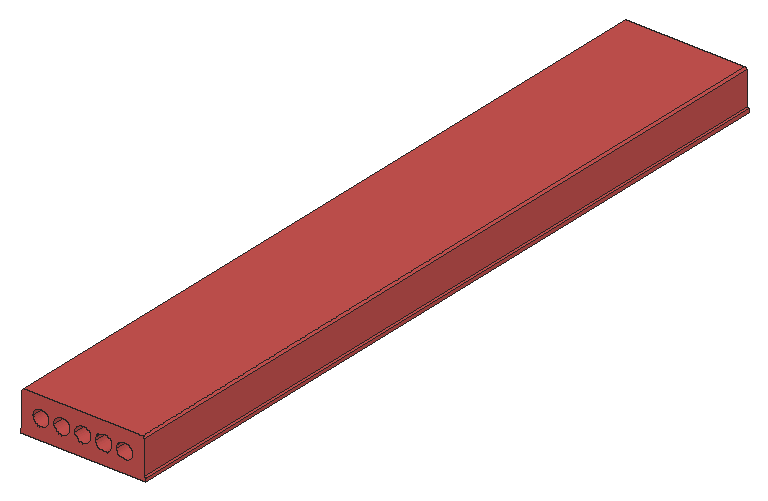
Revit family "Laje_Alveolar_40", category Structural Framing, Revit 2020
Family settings
  Structural Framing Length Roundoff = 0.000 m
  Section Shape = Not Defined
  Material for Model Behavior = Other
  Always export as geometry = No
  Work Plane-Based = No
  Always vertical = Yes
  Cut with Voids When Loaded = No
  Symbolic Representation = From Family
  Shared = No
  Show family pre-cut in plan views = Yes
Parameters (values of type "LAJ_125x040_CON_PRO_ALV")
  Structural Material [instance] = CT_Concreto_Protendido
  Material_Laje_Alveolar = CT_Concreto_Protendido
  Laje_alv_Vao [instance] = 7.500 m
  Laje_alv_Raio = Laje_alv_Altura / 5  # 0.080 m
  Laje_alv_Largura = 1.250 m
  Laje_alv_Altura = 0.400 m
Reference planes (m)
  plane 1 "Center (Front/Back)": y = 0
  plane 2: z = 0
  plane 3 "Center (Left/Right)": x = 0
  plane 4: z = -0.4
  plane 5: x = 1.25
  plane 6: z = -0.2
  plane 7: x = 0.208333
  plane 8: x = 0.416667
  plane 9: x = 0.625
  plane 10: x = 0.833333
  plane 11: x = 1.041667
  plane 12: y = 7.5
Forms (m)
  Extrusion 1, solid, material "CT_Concreto_Protendido" <- "Material_Laje_Alveolar"
    sketch origin (0, 0, 0) x (1, 0, 0) y (0, 0, 1)
      loop
        line (0.035, 0) -> (0.014142, -0.020858) -> (0.014142, -0.355858) -> (0, -0.37) -> (0, -0.4) -> (1.25, -0.4) -> (1.25, -0.37) -> (1.235858, -0.355858) -> (1.235858, -0.020858) -> (1.215, 0) -> (0.035, 0)
      loop
        circle (0.208333, -0.2) r 0.08
      loop
        circle (0.416667, -0.2) r 0.08
      loop
        circle (0.625, -0.2) r 0.08
      loop
        circle (0.833333, -0.2) r 0.08
      loop
        circle (1.041667, -0.2) r 0.08
    from 0 to -7.5
Dimensions and locks (m)
  "Laje_alv_Altura": plane 2 to plane 4
  "Laje_alv_Largura": plane 5 to plane 3 "Center (Left/Right)"
  "Laje_alv_Vao": plane 12 to plane 1 "Center (Front/Back)"
  equal spacing: level, plane 6, plane 4
  equal spacing: plane 5, plane 11, plane 10, plane 9, plane 8, plane 7, plane 3 "Center (Left/Right)"
  "Laje_alv_Raio": radius of Extrusion 1 sketch curve  (x5)
  aligned and locked: level to plane 2
  aligned and locked: Extrusion 1 sketch curve to plane 2
  aligned and locked: plane 3 "Center (Left/Right)" to Extrusion 1 sketch curve
  aligned and locked: plane 4 to Extrusion 1 sketch curve
  aligned and locked: plane 12 to Extrusion 1
Automatic sketch dimensions
  Extrusion 1 sketch curve to plane 6 = 0.000 m  (x5)
  Extrusion 1 sketch curve to plane 7 = 0.000 m
  Extrusion 1 sketch curve to plane 8 = 0.000 m
  Extrusion 1 sketch curve to plane 9 = 0.000 m
  Extrusion 1 sketch curve to plane 10 = 0.000 m
  Extrusion 1 sketch curve to plane 11 = 0.000 m
  plane 5 to Extrusion 1 sketch curve = 0.000 m
  plane 3 "Center (Left/Right)" to Extrusion 1 sketch curve = 0.014142 m
  Extrusion 1 sketch curve to Extrusion 1 sketch curve = 0.020858 m
  Extrusion 1 sketch curve to plane 5 = 0.035 m
  Extrusion 1 sketch curve to plane 5 = 0.014142 m
  Extrusion 1 sketch curve to Extrusion 1 sketch curve = 0.030 m  (x2)
  Extrusion 1 sketch curve to Extrusion 1 sketch curve = 0.014142 m  (x2)
  Extrusion 1 sketch curve to level = 0.020858 m  (x2)
